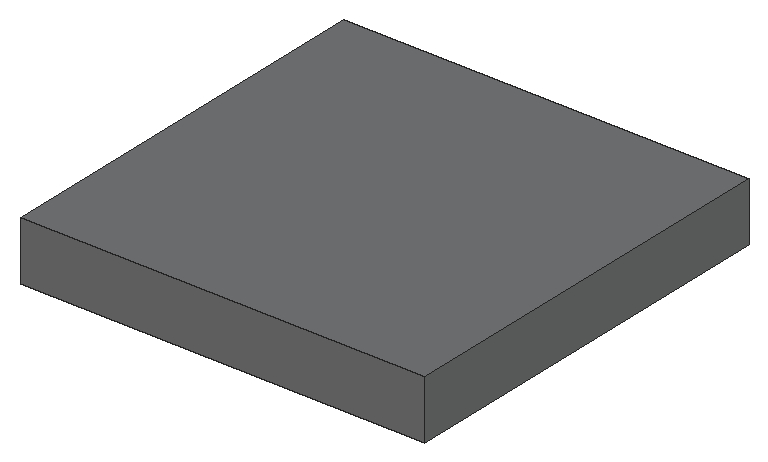
Revit family "Gira_5361005", category Electrical Fixtures, host Face, Revit 2017
Family settings
  Host = Face
  Maintain Annotation Orientation = No
  Round Connector Dimension = Use Diameter
  Part Type = Normal
  Cut with Voids When Loaded = No
  Shared = No
  Room Calculation Point = No
Parameters (values of type "S3000 op.top arrow symbols System 55 black m")
  With cover = "Yes"
  With LED indication = "No"
  URL = "http://katalog.gira.de/en/datenblatt.html?artikelnr=5361005"
  Transparent = "No"
  Suitable for application with venetian shutter switch = "Yes"
  Suitable for application with switch = "No"
  Suitable for application with dimmer = "No"
  Number of buttons = "1"
  Number of actuation points = "2"
  Name = "S3000 op.top arrow symbols System 55 black m"
  Manufacturer URL = "https://www.gira.de/"
  Manufacturer = "Gira"
  Keynote = ""
  HeinzeBIM = "https://bimportal.heinze.de/bim/s3000-op-top-arrow-symbols-system-55-black-m/07478670d54046ff2b29631b7050b856996cac2a"
  HAN = "5361005"
  GTIN = "4010337037477"
  Description = "S3000 op.top arrows Sys55 BKm,System 3000 operating top unit arrow symbols,,black matt,"
  Default Elevation = 1219.2 mm
  Data sheet (1) = "https://katalog.gira.de/en/download.html?artikelnr=5361005"
  Category = "Intelligent control element"
  BIM (1) = "https://media.stage.bim.site/public/gira/36a6b08/Sys55_Abdeckung_Schalten und Tasten.rfa?public/gira/36a6b08/Sys55_Abdeckung_Schalten und Tasten.rfa"
  Available = "No"
  Application = "Control of electrical users"
  Anthrazit [instance] = Anthrazit
Reference planes
  plane 1 "Center (Front/Back)": y = 0
  plane 2: z = 0
  plane 3 "Center (Left/Right)": x = 0
Forms (mm)
  Extrusion 1, solid, material "Anthrazit" <- "Anthrazit", detail levels fine
    sketch origin (0, 0, 0) x (1, 0, 0) y (0, 1, 0)
      loop
        line (-27.5, 27.5) -> (-27.5, -27.5) -> (27.5, -27.5) -> (27.5, 27.5) -> (-27.5, 27.5)
    from 0 to 8
  Extrusion 2, void
    sketch origin (0, 0, 0) x (1, 0, 0) y (0, 1, 0)
      loop
        line (26, 26) -> (-26, 26) -> (-26, -26) -> (26, -26) -> (26, 26)
    from 0 to 6
  Extrusion 3, solid, material "Anthrazit" <- "Anthrazit", detail levels medium
    sketch origin (0, 0, 0) x (1, 0, 0) y (0, 1, 0)
      loop
        line (-27.5, 27.5) -> (-27.5, -27.5) -> (27.5, -27.5) -> (27.5, 27.5) -> (-27.5, 27.5)
    from 0 to 8
  Extrusion 4, solid, material "Anthrazit" <- "Anthrazit", detail levels medium
    sketch origin (0, 0, 0) x (1, 0, 0) y (0, 1, 0)
      loop
        line (11, -17.5) -> (11, 17.5) -> (-11, 17.5) -> (-11, -17.5) -> (11, -17.5)
    from -6 to 6
  Extrusion 5, solid, material "Anthrazit" <- "Anthrazit", detail levels fine
    sketch origin (0, 0, 0) x (1, 0, 0) y (0, 1, 0)
      loop
        line (11, 17.5) -> (-11, 17.5) -> (-11, 16.5) -> (11, 16.5) -> (11, 17.5)
      loop
        line (-11, -16.5) -> (-11, -17.5) -> (11, -17.5) -> (11, -16.5) -> (-11, -16.5)
    from -4 to 6
  Extrusion 6, solid, material "Anthrazit" <- "Anthrazit", detail levels fine
    sketch origin (0, 0, 0) x (1, 0, 0) y (0, 1, 0)
      loop
        arc (5, 9.347) -> (0, 10.6) -> (-5, 9.347) r 10.6
        line (-5, 9.347) -> (-5, -9.347)
        arc (-5, -9.347) -> (0, -10.6) -> (5, -9.347) r 10.6
        line (5, -9.347) -> (5, 9.347)
    from -6 to 6
  Extrusion 7, solid, material "Anthrazit" <- "Anthrazit", detail levels coarse
    sketch origin (0, 0, 0) x (1, 0, 0) y (0, 1, 0)
      loop
        line (-27.5, 27.5) -> (-27.5, -27.5) -> (27.5, -27.5) -> (27.5, 27.5) -> (-27.5, 27.5)
    from -6 to 8
Cuts and joins
  Extrusion 2 cuts Extrusion 1
Dimensions and locks
  aligned and locked: plane 2 to host face
  aligned and locked: level to host face
